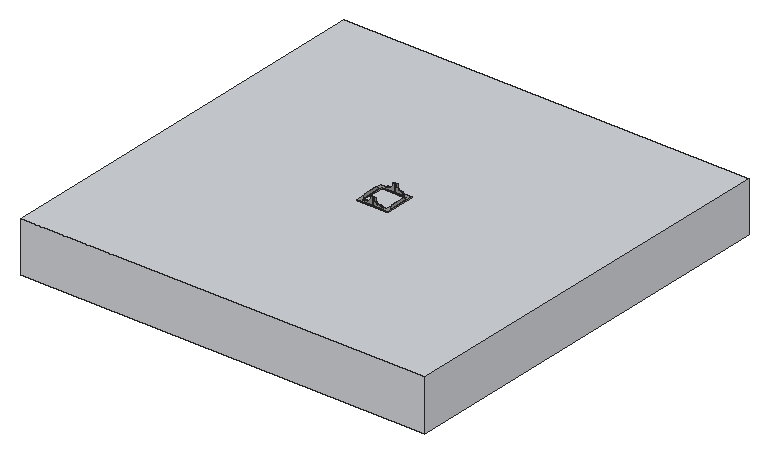
Revit family "LAMP_PUZZLE RE FRAME", category Modelos genéricos, Revit 2015
Parameters (values of type "TYPE 1 GREY")
  Weight = 0.235 kg
  Recessed dimensions = "174 x 174"
  Product datasheet = "http://www.lamp.es/product-files/TECH/PUREFR1G-EN.pdf"
  Product code = "PUREFR1G"
  Modelo = Product code  # "PUREFR1G"
  Model explanation = "Availability of changing between standard frame Types when placed in a project."  # constant formula
  Material marco = LAMP_Aluminio frame Puzzle GR
  Manufacturer name = "LAMP"
  Manufacturer country = "Spain"
  Manufacturer URL = "http://www.lamp.es/en"
  Last update = "24/07/2018"
  Installation instructions = "http://www.lamp.es/product-files/INS/1002020-B-INSTR.%20MARCOS%20PUZZLE.pdf"
  Finish = "Gloss grey"
  Fabricante = Manufacturer name  # "LAMP"
  Default Elevation = 1219.2 mm
  Dist. B Interior = Dist. B Exterior - 44 mm  # 142 mm
  Dist. B Exterior = 186 mm
  Dist. A Interior = Dist. A Exterior - 44 mm  # 142 mm
  Dist. A Exterior = 186 mm
  Dist. anclaje = if(Dist. B Exterior = 344 mm, 160 mm, 80.9 mm)  # 80.9 mm
  Dimensions = "186 x 186"
  Descripción = "PUZZLE ACC. REC FRAME Nº1 GR."
  Comentarios de tipo = Model explanation  # "Availability of changing between standard frame Types when placed in a project."
  Accessory Type = "Assembly"
Types (14, lengths in mm): name | Weight | Recessed dimensions | Product datasheet | Product code | Modelo | Material marco | Finish | Dist. B Interior | Dist. B Exterior | Dist. A Interior | Dist. A Exterior | Dist. anclaje | Dimensions | Descripción
  TYPE 1 GREY | 0.235 kg | "174 x 174" | "http://www.lamp.es/product-files/TECH/PUREFR1G-EN.pdf" | "PUREFR1G" | "PUREFR1G" | LAMP_Aluminio frame Puzzle GR | "Gloss grey" | 142 | 186 | 142 | 186 | 80.9 | "186 x 186" | "PUZZLE ACC. REC FRAME Nº1 GR."
  TYPE 1 WHITE | 0.235 kg | "174 x 174" | "http://www.lamp.es/product-files/TECH/PUREFR1W-EN.pdf" | "PUREFR1W" | "PUREFR1W" | LAMP_Aluminio frame Puzzle WH | "Shiny white" | 142 | 186 | 142 | 186 | 80.9 | "186 x 186" | "PUZZLE ACC. REC FRAME Nº1 WH."
  TYPE 2 GREY | 0.45 kg | "332 x 178" | "http://www.lamp.es/product-files/TECH/PUREFR2G-EN.pdf" | "PUREFR2G" | "PUREFR2G" | LAMP_Aluminio frame Puzzle GR | "Gloss grey" | 146 | 190 | 300 | 344 | 80.9 | "344 x 190" | "PUZZLE ACC. REC FRAME Nº2 GR."
  TYPE 2 WHITE | 0.45 kg | "332 x 178" | "http://www.lamp.es/product-files/TECH/PUREFR2W-EN.pdf" | "PUREFR2W" | "PUREFR2W" | LAMP_Aluminio frame Puzzle WH | "Shiny white" | 146 | 190 | 300 | 344 | 80.9 | "344 x 190" | "PUZZLE ACC. REC FRAME Nº2 WH."
  TYPE 3 GREY | 0.544 kg | "482 x 178" | "http://www.lamp.es/product-files/TECH/PUREFR3G-EN.pdf" | "PUREFR3G" | "PUREFR3G" | LAMP_Aluminio frame Puzzle GR | "Gloss grey" | 146 | 190 | 450 | 494 | 80.9 | "494 x 190" | "PUZZLE ACC. REC FRAME Nº3 GR."
  TYPE 3 WHITE | 0.544 kg | "482 x 178" | "http://www.lamp.es/product-files/TECH/PUREFR3W-EN.pdf" | "PUREFR3W" | "PUREFR3W" | LAMP_Aluminio frame Puzzle WH | "Shiny white" | 146 | 190 | 450 | 494 | 80.9 | "494 x 190" | "PUZZLE ACC. REC FRAME Nº3 WH."
  TYPE 4 GREY | 0.662 kg | "642 x 178" | "http://www.lamp.es/product-files/TECH/PUREFR4G-EN.pdf" | "PUREFR4G" | "PUREFR4G" | LAMP_Aluminio frame Puzzle GR | "Gloss grey" | 146 | 190 | 610 | 654 | 80.9 | "654 x 190" | "PUZZLE ACC. REC FRAME Nº4 GR."
  TYPE 4 WHITE | 0.635 kg | "642 x 178" | "http://www.lamp.es/product-files/TECH/PUREFR4W-EN.pdf" | "PUREFR4W" | "PUREFR4W" | LAMP_Aluminio frame Puzzle WH | "Shiny white" | 146 | 190 | 610 | 654 | 80.9 | "654 x 190" | "PUZZLE ACC. REC FRAME Nº4 WH."
  TYPE 5 GREY | 0.862 kg | "974 x 178" | "http://www.lamp.es/product-files/TECH/PUREFR5G-EN.pdf" | "PUREFR5G" | "PUREFR5G" | LAMP_Aluminio frame Puzzle GR | "Gloss grey" | 146 | 190 | 915 | 959 | 80.9 | "959 x 190" | "PUZZLE ACC. REC FRAME Nº5 GR."
  TYPE 5 WHITE | 0.862 kg | "974 x 178" | "http://www.lamp.es/product-files/TECH/PUREFR5W-EN.pdf" | "PUREFR5W" | "PUREFR5W" | LAMP_Aluminio frame Puzzle WH | "Shiny white" | 146 | 190 | 915 | 959 | 80.9 | "959 x 190" | "PUZZLE ACC. REC FRAME Nº5 WH."
  TYPE 6 GREY | 1.047 kg | "1252 x 178" | "http://www.lamp.es/product-files/TECH/PUREFR6G-EN.pdf" | "PUREFR6G" | "PUREFR6G" | LAMP_Aluminio frame Puzzle GR | "Gloss grey" | 146 | 190 | 1220 | 1264 | 80.9 | "1264 x 190" | "PUZZLE ACC. REC FRAME Nº6 GR."
  TYPE 6 WHITE | 1.034 kg | "1252 x 178" | "http://www.lamp.es/product-files/TECH/PUREFR6W-EN.pdf" | "PUREFR6W" | "PUREFR6W" | LAMP_Aluminio frame Puzzle WH | "Shiny white" | 146 | 190 | 1220 | 1264 | 80.9 | "1264 x 190" | "PUZZLE ACC. REC FRAME Nº6 WH."
  TYPE 9 GREY | 0.548 kg | "332 x 332" | "http://www.lamp.es/product-files/TECH/PUREFR9G-EN.pdf" | "PUREFR9G" | "PUREFR9G" | LAMP_Aluminio frame Puzzle GR | "Gloss grey" | 300 | 344 | 300 | 344 | 160 | "344 x 344" | "PUZZLE ACC. REC FRAME Nº9 GR."
  TYPE 9 WHITE | 0.30 kg | "332 x 332" | "http://www.lamp.es/product-files/TECH/PUREFR9W-EN.pdf" | "PUREFR9W" | "PUREFR9W" | LAMP_Aluminio frame Puzzle WH | "Shiny white" | 300 | 344 | 300 | 344 | 160 | "344 x 344" | "PUZZLE ACC. REC FRAME Nº9 WH."
Reference planes
  plane 1 "Centro (Frontal/Posterior)": y = 0
  plane 2: z = 0
  plane 3 "Centro (Izquierda/Derecha)": x = 0
Forms (mm)
  Extrusion 1, solid
    sketch origin (0, 0, 0) x (1, 0, 0) y (0, 1, 0)
      loop
        line (-1219.2, 1219.2) -> (-1219.2, -1219.2) -> (1219.2, -1219.2) -> (1219.2, 1219.2) -> (-1219.2, 1219.2)
    from 0 to -304.8
  Extrusion 2, solid, material "LAMP_Aluminio frame Puzzle GR" <- "Material marco"
    sketch origin (0, 0, 0) x (1, 0, 0) y (0, 1, 0)
      loop
        line (-93, 93) -> (-93, -93) -> (93, -93) -> (93, 93) -> (-93, 93)
      loop
        line (-71, 71) -> (-71, -71) -> (71, -71) -> (71, 71) -> (-71, 71)
    from -3 to 0
  Extrusion 3, solid, material "LAMP_Aluminio frame Puzzle GR" <- "Material marco"
    sketch origin (-93, -93, 0) x (0, 1, 0) y (0, 0, -1)
      loop
        line (50.406, -15.2) -> (135.304, -15.2)
        arc (135.304, -15.2) -> (135.717, -15.119) -> (136.07, -14.889) r 1.1
        line (136.07, -14.889) -> (145.947, -5.295)
        arc (145.947, -5.295) -> (146.171, -4.967) -> (146.25, -4.577) r 1
        line (146.25, -4.577) -> (146.25, 0) -> (39.75, 0) -> (39.75, -4.586)
        arc (39.75, -4.586) -> (39.826, -4.968) -> (40.043, -5.293) r 1
        line (40.043, -5.293) -> (49.628, -14.878)
        arc (49.628, -14.878) -> (49.985, -15.116) -> (50.406, -15.2) r 1.1
    from -12.125 to -9.925
  Extrusion 4, solid, material "LAMP_Aluminio frame Puzzle GR" <- "Material marco"
    sketch origin (93, 93, 0) x (0, -1, 0) y (0, 0, -1)
      loop
        arc (135.594, -15.2) -> (136.015, -15.116) -> (136.372, -14.878) r 1.1
        line (136.372, -14.878) -> (145.957, -5.293)
        arc (145.957, -5.293) -> (146.174, -4.968) -> (146.25, -4.586) r 1
        line (146.25, -4.586) -> (146.25, 0) -> (39.75, 0) -> (39.75, -4.577)
        arc (39.75, -4.577) -> (39.829, -4.967) -> (40.053, -5.295) r 1
        line (40.053, -5.295) -> (49.93, -14.889)
        arc (49.93, -14.889) -> (50.283, -15.119) -> (50.696, -15.2) r 1.1
        line (50.696, -15.2) -> (135.594, -15.2)
    from -12.125 to -9.925
  Extrusion 5, solid, material "LAMP_Aluminio frame Puzzle GR" <- "Material marco"
    sketch origin (0, 0, -3) x (1, 0, 0) y (0, 0, -1)
      loop
        line (-53.25, -3) -> (-53.25, -7.586)
        arc (-53.25, -7.586) -> (-53.174, -7.968) -> (-52.957, -8.293) r 1
        line (-52.957, -8.293) -> (-43.372, -17.878)
        arc (-43.372, -17.878) -> (-43.015, -18.116) -> (-42.594, -18.2) r 1.1
        line (-42.594, -18.2) -> (-27.394, -18.2) -> (-12.194, -33.4) -> (-12.194, -48.2) -> (-4.194, -48.2) -> (-2.1, -6) -> (2.1, -6) -> (4.194, -48.2) -> (12.194, -48.2) -> (12.194, -33.4) -> (27.394, -18.2) -> (42.304, -18.2)
        arc (42.304, -18.2) -> (42.717, -18.119) -> (43.07, -17.889) r 1.1
        line (43.07, -17.889) -> (52.947, -8.295)
        arc (52.947, -8.295) -> (53.171, -7.967) -> (53.25, -7.577) r 1
        line (53.25, -7.577) -> (53.25, -3) -> (-53.25, -3)
    from 80.9 to 83.075
  Extrusion 6, solid, material "LAMP_Aluminio frame Puzzle GR" <- "Material marco"
    sketch origin (0, 0, -3) x (1, 0, 0) y (0, 0, 1)
      loop
        line (-53.25, 3) -> (53.25, 3) -> (53.25, 7.577)
        arc (53.25, 7.577) -> (53.171, 7.967) -> (52.947, 8.295) r 1
        line (52.947, 8.295) -> (43.07, 17.889)
        arc (43.07, 17.889) -> (42.717, 18.119) -> (42.304, 18.2) r 1.1
        line (42.304, 18.2) -> (27.394, 18.2) -> (12.194, 33.4) -> (12.194, 48.2) -> (4.194, 48.2) -> (2.1, 6) -> (-2.1, 6) -> (-4.194, 48.2) -> (-12.194, 48.2) -> (-12.194, 33.4) -> (-27.394, 18.2) -> (-42.594, 18.2)
        arc (-42.594, 18.2) -> (-43.015, 18.116) -> (-43.372, 17.878) r 1.1
        line (-43.372, 17.878) -> (-52.957, 8.293)
        arc (-52.957, 8.293) -> (-53.174, 7.968) -> (-53.25, 7.586) r 1
        line (-53.25, 7.586) -> (-53.25, 3)
    from 80.9 to 83.075
Text (mm)
  text "Any modification of the parameters and properties of the LAMP BIM models must be executed and validated by the LAMP technical department.\n\nPhone: +34 93 736 68 00\n\nE-mail: lamp@lamp.es\n\n\n\nLAMP reserves the right to modify the technical specifications of its products." at (-16833.23, 19411.389, -6382.874), in view "Preview"
Dimensions and locks
  "Dist. A Exterior": Extrusion 2 sketch curve to Extrusion 2 sketch curve
  equal spacing: Extrusion 2 sketch curve, plane 3 "Centro (Izquierda/Derecha)", Extrusion 2 sketch curve  (x2)
  "Dist. A Interior": Extrusion 2 sketch curve to Extrusion 2 sketch curve
  equal spacing: Extrusion 2 sketch curve, plane 1 "Centro (Frontal/Posterior)", Extrusion 2 sketch curve  (x2)
  "Dist. B Interior": Extrusion 2 sketch curve to Extrusion 2 sketch curve
  "Dist. B Exterior": Extrusion 2 sketch curve to Extrusion 2 sketch curve
  "Dist. anclaje": plane 1 "Centro (Frontal/Posterior)" to Extrusion 5
  "Dist. anclaje": plane 1 "Centro (Frontal/Posterior)" to Extrusion 6
  locked: Extrusion 5 to Extrusion 5 at 2.175
  locked: Extrusion 6 to Extrusion 6 at 2.175
  aligned and locked: plane 2 to Extrusion 1
  aligned and locked: level to Extrusion 1
Automatic sketch dimensions
  Extrusion 1 sketch curve to Extrusion 1 sketch curve = 2438.4 mm  (x2)
  Extrusion 2 to Extrusion 3 sketch curve = 0 mm
  Extrusion 3 sketch curve to Extrusion 2 = 4.586 mm
  Extrusion 3 sketch curve to Extrusion 2 = 39.75 mm
  Extrusion 3 sketch curve to Extrusion 2 = 5.293 mm
  Extrusion 3 sketch curve to Extrusion 3 sketch curve = 0.293 mm
  Extrusion 3 sketch curve to Extrusion 2 = 14.878 mm
  Extrusion 3 sketch curve to Extrusion 3 sketch curve = 9.585 mm
  Extrusion 3 sketch curve to Extrusion 3 sketch curve = 0.778 mm
  Extrusion 3 sketch curve to Extrusion 2 = 14.1 mm
  Extrusion 2 to Extrusion 3 sketch curve = 50.696 mm
  Extrusion 3 sketch curve to Extrusion 2 = 14.889 mm
  Extrusion 3 sketch curve to Extrusion 3 sketch curve = 0.766 mm
  Extrusion 3 sketch curve to Extrusion 2 = 4.577 mm
  Extrusion 3 sketch curve to Extrusion 3 sketch curve = 9.946 mm
  Extrusion 3 sketch curve to Extrusion 2 = 5.295 mm
  Extrusion 3 sketch curve to Extrusion 3 sketch curve = 0.697 mm
  Extrusion 2 to Extrusion 4 sketch curve = 0 mm
  Extrusion 4 sketch curve to Extrusion 2 = 4.577 mm
  Extrusion 2 to Extrusion 4 sketch curve = 39.75 mm
  Extrusion 4 sketch curve to Extrusion 2 = 5.295 mm
  Extrusion 4 sketch curve to Extrusion 4 sketch curve = 0.303 mm
  Extrusion 4 sketch curve to Extrusion 2 = 14.889 mm
  Extrusion 4 sketch curve to Extrusion 4 sketch curve = 9.877 mm
  Extrusion 4 sketch curve to Extrusion 4 sketch curve = 0.766 mm
  Extrusion 2 to Extrusion 4 sketch curve = 50.406 mm
  Extrusion 4 sketch curve to Extrusion 2 = 14.878 mm
  Extrusion 4 sketch curve to Extrusion 4 sketch curve = 0.778 mm
  Extrusion 4 sketch curve to Extrusion 2 = 4.586 mm
  Extrusion 4 sketch curve to Extrusion 4 sketch curve = 9.656 mm
  Extrusion 4 sketch curve to Extrusion 2 = 5.293 mm
  Extrusion 4 sketch curve to Extrusion 4 sketch curve = 0.707 mm
  Extrusion 4 sketch curve to Extrusion 4 sketch curve = 0.322 mm
  Extrusion 5 sketch curve to level = 0 mm
  Extrusion 5 sketch curve to plane 3 "Centro (Izquierda/Derecha)" = 53.25 mm
  level to Extrusion 5 sketch curve = 5.293 mm
  Extrusion 5 sketch curve to Extrusion 5 sketch curve = 0.293 mm
  Extrusion 5 sketch curve to Extrusion 5 sketch curve = 0.707 mm
  level to Extrusion 5 sketch curve = 14.878 mm
  Extrusion 5 sketch curve to Extrusion 5 sketch curve = 9.585 mm
  Extrusion 5 sketch curve to Extrusion 5 sketch curve = 0.778 mm
  Extrusion 5 sketch curve to Extrusion 5 sketch curve = 15.2 mm  (x4)
  Extrusion 5 sketch curve to plane 3 "Centro (Izquierda/Derecha)" = 12.194 mm
  Extrusion 5 sketch curve to plane 3 "Centro (Izquierda/Derecha)" = 4.194 mm
  Extrusion 5 sketch curve to plane 3 "Centro (Izquierda/Derecha)" = 2.1 mm
  plane 3 "Centro (Izquierda/Derecha)" to Extrusion 5 sketch curve = 2.1 mm
  plane 3 "Centro (Izquierda/Derecha)" to Extrusion 5 sketch curve = 4.194 mm
  plane 3 "Centro (Izquierda/Derecha)" to Extrusion 5 sketch curve = 12.194 mm
  Extrusion 5 sketch curve to Extrusion 5 sketch curve = 14.909 mm
  level to Extrusion 5 sketch curve = 14.889 mm
  Extrusion 5 sketch curve to Extrusion 5 sketch curve = 0.766 mm
  level to Extrusion 5 sketch curve = 4.577 mm
  Extrusion 5 sketch curve to Extrusion 5 sketch curve = 9.946 mm
  level to Extrusion 5 sketch curve = 5.295 mm
  Extrusion 5 sketch curve to Extrusion 5 sketch curve = 0.697 mm
  Extrusion 5 sketch curve to Extrusion 5 sketch curve = 0.311 mm
  level to Extrusion 5 sketch curve = 15.2 mm
  Extrusion 5 sketch curve to Extrusion 5 sketch curve = 14.8 mm  (x2)
  level to Extrusion 5 sketch curve = 3 mm
  Extrusion 6 sketch curve to level = 0 mm
  Extrusion 6 sketch curve to plane 3 "Centro (Izquierda/Derecha)" = 53.25 mm
  level to Extrusion 6 sketch curve = 5.293 mm
  Extrusion 6 sketch curve to Extrusion 6 sketch curve = 0.293 mm
  Extrusion 6 sketch curve to Extrusion 6 sketch curve = 0.707 mm
  level to Extrusion 6 sketch curve = 14.878 mm
  Extrusion 6 sketch curve to Extrusion 6 sketch curve = 9.585 mm
  Extrusion 6 sketch curve to Extrusion 6 sketch curve = 0.778 mm  (x2)
  Extrusion 6 sketch curve to Extrusion 6 sketch curve = 15.2 mm  (x4)
  Extrusion 6 sketch curve to plane 3 "Centro (Izquierda/Derecha)" = 12.194 mm
  Extrusion 6 sketch curve to plane 3 "Centro (Izquierda/Derecha)" = 4.194 mm
  Extrusion 6 sketch curve to plane 3 "Centro (Izquierda/Derecha)" = 2.1 mm
  plane 3 "Centro (Izquierda/Derecha)" to Extrusion 6 sketch curve = 2.1 mm
  plane 3 "Centro (Izquierda/Derecha)" to Extrusion 6 sketch curve = 4.194 mm
  plane 3 "Centro (Izquierda/Derecha)" to Extrusion 6 sketch curve = 12.194 mm
  Extrusion 6 sketch curve to Extrusion 6 sketch curve = 14.909 mm
  level to Extrusion 6 sketch curve = 14.889 mm
  Extrusion 6 sketch curve to Extrusion 6 sketch curve = 0.766 mm
  level to Extrusion 6 sketch curve = 4.577 mm
  Extrusion 6 sketch curve to Extrusion 6 sketch curve = 9.946 mm
  level to Extrusion 6 sketch curve = 5.295 mm
  Extrusion 6 sketch curve to Extrusion 6 sketch curve = 0.697 mm
  level to Extrusion 6 sketch curve = 3 mm
  Extrusion 6 sketch curve to Extrusion 6 sketch curve = 0.789 mm
  Extrusion 6 sketch curve to Extrusion 6 sketch curve = 14.8 mm  (x2)
